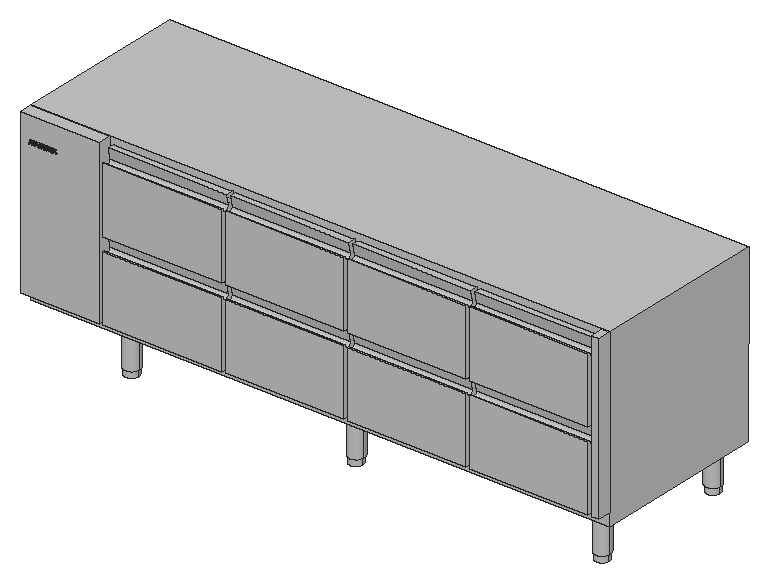
Revit family "QF_ALPENINOX_721173_AA4R7BBBB", category Attrezzature speciali, Revit 2018
Family settings
  Quota connettore circolare = Usa diametro
  Tipo di parte = Normale
  Basato su piano di lavoro = No
  Sempre verticale = Sì
  Taglio con vuoti quando caricato = No
  Condiviso = No
  Punto di calcolo locali = No
Parameters (values of type "Standard")
  Weight = 138.00 kg
  Watts = 270 W
  Volts = 220 V
  URL Manufacturer = "http://www.alpeninox.com"
  URL = "http://www.alpeninox.com"
  Steam Supply Size = 0 mm
  Steam Supply Minimum Pressure = 0.0 Pa
  Steam Supply Maximum Pressure = 0.0 Pa
  Steam Consumption per Hour = 0
  Refrigeration Suction Line Size = 0 mm
  Refrigeration Liquid Line Size = 0 mm
  Refrigerant Compressor Remote = yes
  Produttore = "Alpeninox"
  Phase = 1
  Modello = "AA4R7BBBB"
  Length Actual = 2149 mm  # constant formula
  Item Number = "721173"
  Hot Water Size = 0 mm
  Height Actual = 800 mm  # constant formula
  HP = "0.4 HP"
  Gas Size = 0 mm
  Gas KW = 0
  Gas Input Pressure = 0 W
  Direct Waste Size = 0 mm
  Descrizione = "8X1/2-DRAWER REFRIGERATED COUNTER, -2+10°C, FULL AISI 304 (R290), WITHOUT WORK TOP"
  Depth Actual = 700 mm  # constant formula
  Cycle = 50 Hz
  Condensate Return Size = 0 mm
  Compressed Air Volume = 0.0 L/s
  Compressed Air Size = 0 mm
  Compressed Air Pressure = 0.0 Pa
  Cold Water Size = 0 mm
  Accessory = yes
Values of the unnamed type that differ from the named types
  Weight = 0.00 kg
  Watts = 0 W
  Volts = 0 V
  URL Manufacturer = ""
  Item Number = ""
  HP = ""
  Cycle = 0 Hz
Reference planes
  plane 1: z = 0
  plane 2 "Center (Left/Right)": x = -126.5
  plane 3 "Center (Front/Back)": y = 64.5
  plane 4 "FEET": z = 150
  plane 5 "TOP": z = 850
  plane 6 "PLAIN": z = 800
  plane 7 "EI_back": y = 103
  plane 8 "EI_left": x = -1140
  plane 9 "BACK": y = 412
  plane 10 "FRONT": y = -283
  plane 11 "DOOR": y = -233
  plane 12 "LEFT": x = -1201
  plane 13 "RIGHT": x = 948
  plane 14: x = -1176
  plane 15: x = 923
Forms (mm)
  Extrusion 1, solid, material "QF_Finishes_Stainless Steel"
    sketch origin (-1022.223, -1524, 150) x (-1, 0, 0) y (0, -1, 0)
      loop
        circle (117.777, -1627) r 5
    from 0 to -40
  Extrusion 2, solid, material "QF_Finishes_Stainless Steel"
    sketch origin (-1022.223, -1524, 150) x (-1, 0, 0) y (0, -1, 0)
      loop
        line (-1945.223, -1291) -> (-1945.223, -1241) -> (-1970.223, -1241) -> (-1970.223, -1291) -> (-1945.223, -1291)
    from 48 to 650
  Extrusion 3, solid, material "QF_Finishes_Stainless Steel"
    sketch origin (-1022.223, -1524, 150) x (-1, 0, 0) y (0, -1, 0)
      loop
        line (178.777, -1936) -> (178.777, -1291) -> (-1970.223, -1291) -> (-1970.223, -1936) -> (178.777, -1936)
    from 0 to 650
Lines and regions (mm)
  symbolic lines, style "SpecialityEquipmentHiddenLines"
    curve 1: line (-1201, 412, 150) -> (948, 412, 150)
    curve 2: line (-1201, -283, 150) -> (-1201, 412, 150)
    curve 3: line (948, -283, 150) -> (-1201, -283, 150)
    curve 4: line (948, 412, 150) -> (948, -283, 150)
    curve 5: line (-1201, -233, 150) -> (948, -233, 150)
    curve 6: line (923, -283, 150) -> (923, -233, 150)
Dimensions and locks
  plane 4 "FEET" to level = 150 mm
  plane 11 "DOOR" to plane 10 "FRONT" = 50 mm
  plane 6 "PLAIN" to plane 4 "FEET" = 650 mm
  plane 5 "TOP" to plane 6 "PLAIN" = 50 mm
  plane 12 "LEFT" to plane 14 = 25 mm
  plane 15 to plane 13 "RIGHT" = 25 mm
  plane 9 "BACK" to plane 7 "EI_back" = 309 mm
  plane 12 "LEFT" to plane 8 "EI_left" = 61 mm
  plane 12 "LEFT" to plane 13 "RIGHT" = 2149 mm
  equal spacing: plane 12 "LEFT", plane 2 "Center (Left/Right)", plane 13 "RIGHT"
  plane 9 "BACK" to plane 10 "FRONT" = 695 mm
  equal spacing: plane 9 "BACK", plane 3 "Center (Front/Back)", plane 10 "FRONT"
  aligned and locked: level to plane 1
Automatic sketch dimensions
  Extrusion 1 sketch curve to plane 7 "EI_back" = 0 mm
  Extrusion 1 sketch curve to plane 8 "EI_left" = 0 mm
  Extrusion 2 sketch curve to plane 11 "DOOR" = 0 mm
  Extrusion 2 sketch curve to plane 13 "RIGHT" = 0 mm
  Extrusion 2 sketch curve to plane 10 "FRONT" = 0 mm
  Extrusion 2 sketch curve to plane 15 = 0 mm
  Extrusion 3 sketch curve to plane 9 "BACK" = 0 mm
  Extrusion 3 sketch curve to plane 13 "RIGHT" = 0 mm
  Extrusion 3 sketch curve to plane 11 "DOOR" = 0 mm
  Extrusion 3 sketch curve to plane 12 "LEFT" = 0 mm
  curve 1 to plane 13 "RIGHT" = 0 mm
  curve 6 to plane 10 "FRONT" = 0 mm
  curve 6 to plane 15 = 0 mm
  curve 5 to plane 12 "LEFT" = 0 mm
  curve 6 to plane 11 "DOOR" = 0 mm
  curve 1 to plane 9 "BACK" = 0 mm
  radius of Extrusion 1 sketch curve = 5 mm
Nested families
  nested 1: "HP_Refrigerator" at (948, -283, 0), type "HP_Refrigerator"
  nested 2: "HP_FEET" at (-867, 331, 0), type "HP_FEET"
  nested 3: "HP_FEET" at (882, 331, 0), type "HP_FEET"
  nested 4: "HP_FEET" at (-867, -183, 0), type "HP_FEET"
  nested 5: "HP_FEET" at (882, -183, 0), type "HP_FEET"
  nested 6: "HP_FEET" at (-32, -183, 0), type "HP_FEET"
  nested 7: "HP_APX_BI_TN_L" at (-994.08, -233, 548) x (1, 0, 0) z (0, -1, 0), type "HP_APX_BI_TN_L"
    with Show Logo yes
  nested 8: "HP_APX_HALF" at (-673, -233, 458.08) x (1, 0, 0) z (0, -1, 0), type "HP_APX_HALF"
    with Show Clearance yes
  nested 9: "HP_APX_HALF" at (-219, -233, 458.08) x (1, 0, 0) z (0, -1, 0), type "HP_APX_HALF"
    with Show Clearance yes
  nested 10: "HP_APX_HALF" at (235, -233, 458.08) x (1, 0, 0) z (0, -1, 0), type "HP_APX_HALF"
    with Show Clearance yes
  nested 11: "HP_APX_HALF" at (689, -233, 458.08) x (1, 0, 0) z (0, -1, 0), type "HP_APX_HALF"
    with Show Clearance yes
Connectors
  electrical at (-1140, 103, 110), driven by "Volts"
    settings: on Extrusion 1, index 1, voltage 220 V, apparent load 0 VA, apparent load phase1 0 VA, apparent load phase2 0 VA, apparent load phase3 0 VA, power factor 1, load classification "Other", number of poles 1, system type 31, power factor state 1, is connector primary yes, connector utility no, sub classification motor no, connector description "Electrical Connection"
Definition of nested family "HP_FEET"
  Parameters
    FEET = 150 mm
  Reference planes
    plane 1 "Center (Front/Back)": y = 0
    plane 2: z = 0
    plane 3 "Center (Left/Right)": x = 0
    plane 4: z = 150
  Forms (mm)
    Revolve 1, solid
      sketch origin (255.05, 0, 608.09) x (0, 0, 1) y (-1, 0, 0)
        loop
          line (-608.09, 255.05) -> (-608.09, 230.05) -> (-583.09, 230.05) -> (-583.09, 226.05) -> (-458.09, 226.05) -> (-458.09, 255.05) -> (-608.09, 255.05)
        axis (-608.09, 255.05) -> (-458.09, 255.05)
      angle from 0 to 360
  Dimensions and locks
    locked: Revolve 1 sketch curve to Revolve 1 sketch curve at 125
    "FEET": plane 4 to plane 2
    aligned and locked: level to plane 2
    aligned and locked: plane 4 to Revolve 1 sketch curve
    aligned and locked: Revolve 1 sketch curve to level
    aligned and locked: plane 3 "Center (Left/Right)" to Revolve 1 sketch curve
  Automatic sketch dimensions
    Revolve 1 sketch curve to plane 3 "Center (Left/Right)" = 0 mm
    Revolve 1 sketch curve to Revolve 1 sketch curve = 25 mm
    Revolve 1 sketch curve to Revolve 1 sketch curve = 29 mm
    plane 4 to Revolve 1 sketch curve = 50 mm
    Revolve 1 sketch curve to Revolve 1 sketch curve = 20 mm
Definition of nested family "HP_APX_BI_TN_L"
  Parameters
    Show Logo [instance] = yes
    Default Elevation = 1219.2 mm
  Reference planes
    plane 1 "Center (Front/Back)": y = -49
    plane 2: z = 0
    plane 3 "Center (Left/Right)": x = -59.92
    plane 4: x = -206.92
    plane 5: x = 87.08
    plane 6: y = 252
    plane 7: y = -350
  Forms (mm)
    Extrusion 1, solid
      sketch origin (0, 0, 0) x (1, 0, 0) y (0, 1, 0)
        loop
          line (-1219.2, 1219.2) -> (-1219.2, -1219.2) -> (1219.2, -1219.2) -> (1219.2, 1219.2) -> (-1219.2, 1219.2)
      from 0 to -304.8
    Extrusion 2, solid
      sketch origin (0, 0, 0) x (1, 0, 0) y (0, 1, 0)
        loop
          line (-206.92, 252) -> (-206.92, -350) -> (87.08, -350) -> (87.08, 252) -> (-206.92, 252)
      from 0 to 50
    Extrusion 3, solid
      sketch origin (0, 0, 0) x (1, 0, 0) y (0, 1, 0)
        loop
          line (-168.675, 170.349) -> (-172.411, 160.318)
          arc (-172.411, 160.318) -> (-171.624, 158.497) -> (-169.837, 159.36) r 1.374
          line (-169.837, 159.36) -> (-169.268, 161.111) -> (-164.1, 161.111) -> (-163.54, 159.379)
          arc (-163.54, 159.379) -> (-161.802, 158.542) -> (-161.049, 160.318) r 1.333
          line (-161.049, 160.318) -> (-164.694, 170.349)
          arc (-164.694, 170.349) -> (-166.685, 171.876) -> (-168.675, 170.349) r 2.06
        loop
          line (-166.681, 169.055) -> (-168.469, 163.655) -> (-164.935, 163.655) -> (-166.681, 169.055)
        loop
          arc (-159.705, 160.042) -> (-159.262, 158.973) -> (-158.194, 158.531) r 1.512
          line (-158.194, 158.531) -> (-153.608, 158.531)
          arc (-153.608, 158.531) -> (-152.337, 159.802) -> (-153.608, 161.074) r 1.272
          line (-153.608, 161.074) -> (-156.917, 161.074) -> (-156.917, 170.328)
          arc (-156.917, 170.328) -> (-158.311, 171.722) -> (-159.705, 170.328) r 1.394
          line (-159.705, 170.328) -> (-159.705, 160.042)
        loop
          line (-151.076, 170.218) -> (-151.076, 159.859)
          arc (-151.076, 159.859) -> (-149.683, 158.466) -> (-148.29, 159.859) r 1.393
          line (-148.29, 159.859) -> (-148.29, 162.882) -> (-146.225, 162.882)
          arc (-146.225, 162.882) -> (-142.999, 163.859) -> (-141.608, 166.928) r 4.082
          arc (-141.608, 166.928) -> (-142.993, 170.272) -> (-146.336, 171.657) r 4.728
          line (-146.336, 171.657) -> (-149.638, 171.657)
          arc (-149.638, 171.657) -> (-150.655, 171.235) -> (-151.076, 170.218) r 1.439
        loop
          line (-148.29, 165.313) -> (-146.388, 165.313)
          arc (-146.388, 165.313) -> (-144.433, 167.268) -> (-146.388, 169.222) r 1.955
          line (-146.388, 169.222) -> (-148.29, 169.222) -> (-148.29, 165.313)
        loop
          arc (-131.184, 166.332) -> (-132.004, 168.2) -> (-133.767, 169.228) r 3.3
          arc (-133.767, 169.228) -> (-136.353, 168.661) -> (-137.611, 166.332) r 3.176
          line (-137.611, 166.332) -> (-131.184, 166.332)
        loop
          line (-137.538, 163.743) -> (-130.544, 163.743)
          arc (-130.544, 163.743) -> (-129.292, 163.916) -> (-128.301, 164.701) r 2.4
          arc (-128.301, 164.701) -> (-128.155, 165.545) -> (-128.212, 166.399) r 3.635
          arc (-128.212, 166.399) -> (-130.364, 170.162) -> (-134.39, 171.769) r 6.579
          arc (-134.39, 171.769) -> (-138.918, 169.706) -> (-140.661, 165.044) r 6.501
          arc (-140.661, 165.044) -> (-139.276, 160.789) -> (-135.401, 158.549) r 6.252
          arc (-135.401, 158.549) -> (-132.922, 158.526) -> (-130.544, 159.232) r 8.361
          arc (-130.544, 159.232) -> (-129.466, 159.781) -> (-128.641, 160.666) r 3.486
          arc (-128.641, 160.666) -> (-128.419, 161.592) -> (-128.828, 162.451) r 1.425
          arc (-128.828, 162.451) -> (-129.368, 162.762) -> (-129.99, 162.762) r 1.203
          arc (-129.99, 162.762) -> (-130.406, 162.59) -> (-130.764, 162.316) r 1.724
          arc (-130.764, 162.316) -> (-131.666, 161.705) -> (-132.646, 161.229) r 7.6
          arc (-132.646, 161.229) -> (-135.676, 161.35) -> (-137.538, 163.743) r 3.6
        loop
          line (-126.669, 170.328) -> (-126.669, 159.859)
          arc (-126.669, 159.859) -> (-125.273, 158.463) -> (-123.878, 159.859) r 1.396
          line (-123.878, 159.859) -> (-123.878, 166.785) -> (-117.946, 159.029)
          arc (-117.946, 159.029) -> (-116.361, 158.51) -> (-115.379, 159.859) r 1.417
          line (-115.379, 159.859) -> (-115.379, 170.328)
          arc (-115.379, 170.328) -> (-116.774, 171.723) -> (-118.169, 170.328) r 1.395
          line (-118.169, 170.328) -> (-118.169, 163.311) -> (-124.101, 171.157)
          arc (-124.101, 171.157) -> (-125.687, 171.678) -> (-126.669, 170.328) r 1.418
        loop
          arc (-113.636, 159.859) -> (-112.241, 158.464) -> (-110.847, 159.859) r 1.394
          line (-110.847, 159.859) -> (-110.847, 170.328)
          arc (-110.847, 170.328) -> (-112.241, 171.723) -> (-113.636, 170.328) r 1.394
          line (-113.636, 170.328) -> (-113.636, 159.859)
        loop
          line (-109.102, 170.328) -> (-109.102, 159.859)
          arc (-109.102, 159.859) -> (-107.706, 158.463) -> (-106.31, 159.859) r 1.396
          line (-106.31, 159.859) -> (-106.31, 166.785) -> (-100.378, 159.029)
          arc (-100.378, 159.029) -> (-98.793, 158.51) -> (-97.812, 159.859) r 1.417
          line (-97.812, 159.859) -> (-97.812, 170.328)
          arc (-97.812, 170.328) -> (-99.207, 171.723) -> (-100.602, 170.328) r 1.395
          line (-100.602, 170.328) -> (-100.602, 163.311) -> (-106.533, 171.157)
          arc (-106.533, 171.157) -> (-108.119, 171.678) -> (-109.102, 170.328) r 1.418
        loop
          arc (-96.345, 165.093) -> (-95.619, 161.877) -> (-93.467, 159.379) r 6.806
          arc (-93.467, 159.379) -> (-91.792, 158.566) -> (-89.948, 158.31) r 5.956
          arc (-89.948, 158.31) -> (-88.104, 158.566) -> (-86.43, 159.379) r 5.956
          arc (-86.43, 159.379) -> (-84.277, 161.877) -> (-83.551, 165.093) r 6.806
          arc (-83.551, 165.093) -> (-84.277, 168.31) -> (-86.43, 170.808) r 6.806
          arc (-86.43, 170.808) -> (-88.104, 171.621) -> (-89.948, 171.877) r 5.956
          arc (-89.948, 171.877) -> (-91.792, 171.621) -> (-93.467, 170.808) r 5.956
          arc (-93.467, 170.808) -> (-95.619, 168.31) -> (-96.345, 165.093) r 6.806
        loop
          arc (-93.425, 165.093) -> (-93.138, 163.212) -> (-92.081, 161.629) r 4.387
          arc (-92.081, 161.629) -> (-91.087, 161.049) -> (-89.948, 160.881) r 3.035
          arc (-89.948, 160.881) -> (-88.809, 161.049) -> (-87.815, 161.629) r 3.035
          arc (-87.815, 161.629) -> (-86.759, 163.212) -> (-86.472, 165.093) r 4.387
          arc (-86.472, 165.093) -> (-86.759, 166.975) -> (-87.815, 168.558) r 4.387
          arc (-87.815, 168.558) -> (-88.809, 169.138) -> (-89.948, 169.306) r 3.035
          arc (-89.948, 169.306) -> (-91.087, 169.138) -> (-92.081, 168.558) r 3.035
          arc (-92.081, 168.558) -> (-93.138, 166.975) -> (-93.425, 165.093) r 4.387
        loop
          line (-83.139, 169.609) -> (-80.126, 165.552) -> (-83.81, 160.652)
          arc (-83.81, 160.652) -> (-83.512, 158.692) -> (-81.559, 159.029) r 1.388
          line (-81.559, 159.029) -> (-78.51, 163.232) -> (-75.461, 159.029)
          arc (-75.461, 159.029) -> (-73.507, 158.692) -> (-73.21, 160.652) r 1.388
          line (-73.21, 160.652) -> (-76.894, 165.552) -> (-73.881, 169.609)
          arc (-73.881, 169.609) -> (-74.249, 171.597) -> (-76.205, 171.084) r 1.38
          line (-76.205, 171.084) -> (-78.51, 167.841) -> (-80.815, 171.084)
          arc (-80.815, 171.084) -> (-82.771, 171.597) -> (-83.139, 169.609) r 1.38
      from 50 to 51.6
    Extrusion 4, solid, not visible
      sketch origin (0, 0, 0) x (1, 0, 0) y (0, 1, 0)
        loop
          line (-206.92, 252) -> (-206.92, -400) -> (87.08, -400) -> (87.08, 252) -> (-206.92, 252)
      from 0 to 50
  Lines and regions (mm)
    Split face 1
      outline origin (0, 0, 50) x (1, 0, 0) y (0, 1, 0)
        loop
          line (87.08, 183) -> (-172.92, 183)
          arc (-172.92, 183) -> (-190.42, 165.5) -> (-172.92, 148) r 17.5
          line (-172.92, 148) -> (87.08, 148)
    Split face 2
      outline origin (-38, 0, 50) x (1, 0, 0) y (0, 1, 0)
        loop
          line (-5.42, 177) -> (-5.42, 154) -> (64.58, 154) -> (64.58, 177) -> (-5.42, 177)
    Split face 3
      outline origin (-38, 0, 50) x (1, 0, 0) y (0, 1, 0)
        loop
          line (44.58, 174) -> (44.58, 157) -> (61.58, 157) -> (61.58, 174) -> (44.58, 174)
    Split face 4
      outline origin (0, 0, 50) x (1, 0, 0) y (0, 1, 0)
        loop
          line (-206.92, 188) -> (87.08, 188)
    Split face 5
      outline origin (0, 0, 50) x (1, 0, 0) y (0, 1, 0)
        loop
          arc (-163.464, 131.824) -> (-167.464, 127.824) -> (-163.464, 123.824) r 4
          line (-163.464, 123.824) -> (-121.464, 123.824)
          arc (-121.464, 123.824) -> (-117.464, 127.824) -> (-121.464, 131.824) r 4
          line (-121.464, 131.824) -> (-163.464, 131.824)
    Split face 6
      outline origin (330, 0, 50) x (1, 0, 0) y (0, 1, 0)
        loop
          arc (-328.464, 131.824) -> (-332.464, 127.824) -> (-328.464, 123.824) r 4
          line (-328.464, 123.824) -> (-286.464, 123.824)
          arc (-286.464, 123.824) -> (-282.464, 127.824) -> (-286.464, 131.824) r 4
          line (-286.464, 131.824) -> (-328.464, 131.824)
    Split face 7
      outline origin (110, 0, 50) x (1, 0, 0) y (0, 1, 0)
        loop
          arc (-218.464, 131.824) -> (-222.464, 127.824) -> (-218.464, 123.824) r 4
          line (-218.464, 123.824) -> (-176.464, 123.824)
          arc (-176.464, 123.824) -> (-172.464, 127.824) -> (-176.464, 131.824) r 4
          line (-176.464, 131.824) -> (-218.464, 131.824)
    Split face 8
      outline origin (220, 0, 50) x (1, 0, 0) y (0, 1, 0)
        loop
          arc (-273.464, 131.824) -> (-277.464, 127.824) -> (-273.464, 123.824) r 4
          line (-273.464, 123.824) -> (-231.464, 123.824)
          arc (-231.464, 123.824) -> (-227.464, 127.824) -> (-231.464, 131.824) r 4
          line (-231.464, 131.824) -> (-273.464, 131.824)
    Split face 9, not visible
      outline origin (0, 0, 50) x (1, 0, 0) y (0, 1, 0)
        loop
          arc (-163.464, 131.824) -> (-167.464, 127.824) -> (-163.464, 123.824) r 4
          line (-163.464, 123.824) -> (-121.464, 123.824)
          arc (-121.464, 123.824) -> (-117.464, 127.824) -> (-121.464, 131.824) r 4
          line (-121.464, 131.824) -> (-163.464, 131.824)
    Split face 10
      outline origin (0, -24, 50) x (1, 0, 0) y (0, 1, 0)
        loop
          arc (-163.464, 143.824) -> (-167.464, 139.824) -> (-163.464, 135.824) r 4
          line (-163.464, 135.824) -> (-121.464, 135.824)
          arc (-121.464, 135.824) -> (-117.464, 139.824) -> (-121.464, 143.824) r 4
          line (-121.464, 143.824) -> (-163.464, 143.824)
    Split face 11
      outline origin (330, -24, 50) x (1, 0, 0) y (0, 1, 0)
        loop
          arc (-328.464, 143.824) -> (-332.464, 139.824) -> (-328.464, 135.824) r 4
          line (-328.464, 135.824) -> (-286.464, 135.824)
          arc (-286.464, 135.824) -> (-282.464, 139.824) -> (-286.464, 143.824) r 4
          line (-286.464, 143.824) -> (-328.464, 143.824)
    Split face 12
      outline origin (110, -24, 50) x (1, 0, 0) y (0, 1, 0)
        loop
          arc (-218.464, 143.824) -> (-222.464, 139.824) -> (-218.464, 135.824) r 4
          line (-218.464, 135.824) -> (-176.464, 135.824)
          arc (-176.464, 135.824) -> (-172.464, 139.824) -> (-176.464, 143.824) r 4
          line (-176.464, 143.824) -> (-218.464, 143.824)
    Split face 13
      outline origin (220, -24, 50) x (1, 0, 0) y (0, 1, 0)
        loop
          arc (-273.464, 143.824) -> (-277.464, 139.824) -> (-273.464, 135.824) r 4
          line (-273.464, 135.824) -> (-231.464, 135.824)
          arc (-231.464, 135.824) -> (-227.464, 139.824) -> (-231.464, 143.824) r 4
          line (-231.464, 143.824) -> (-273.464, 143.824)
    Split face 14
      outline origin (0, -48, 50) x (1, 0, 0) y (0, 1, 0)
        loop
          arc (-163.464, 155.824) -> (-167.464, 151.824) -> (-163.464, 147.824) r 4
          line (-163.464, 147.824) -> (-121.464, 147.824)
          arc (-121.464, 147.824) -> (-117.464, 151.824) -> (-121.464, 155.824) r 4
          line (-121.464, 155.824) -> (-163.464, 155.824)
    Split face 15
      outline origin (330, -48, 50) x (1, 0, 0) y (0, 1, 0)
        loop
          arc (-328.464, 155.824) -> (-332.464, 151.824) -> (-328.464, 147.824) r 4
          line (-328.464, 147.824) -> (-286.464, 147.824)
          arc (-286.464, 147.824) -> (-282.464, 151.824) -> (-286.464, 155.824) r 4
          line (-286.464, 155.824) -> (-328.464, 155.824)
    Split face 16
      outline origin (110, -48, 50) x (1, 0, 0) y (0, 1, 0)
        loop
          arc (-218.464, 155.824) -> (-222.464, 151.824) -> (-218.464, 147.824) r 4
          line (-218.464, 147.824) -> (-176.464, 147.824)
          arc (-176.464, 147.824) -> (-172.464, 151.824) -> (-176.464, 155.824) r 4
          line (-176.464, 155.824) -> (-218.464, 155.824)
    Split face 17
      outline origin (220, -48, 50) x (1, 0, 0) y (0, 1, 0)
        loop
          arc (-273.464, 155.824) -> (-277.464, 151.824) -> (-273.464, 147.824) r 4
          line (-273.464, 147.824) -> (-231.464, 147.824)
          arc (-231.464, 147.824) -> (-227.464, 151.824) -> (-231.464, 155.824) r 4
          line (-231.464, 155.824) -> (-273.464, 155.824)
    Split face 18
      outline origin (0, -72, 50) x (1, 0, 0) y (0, 1, 0)
        loop
          arc (-163.464, 167.824) -> (-167.464, 163.824) -> (-163.464, 159.824) r 4
          line (-163.464, 159.824) -> (-121.464, 159.824)
          arc (-121.464, 159.824) -> (-117.464, 163.824) -> (-121.464, 167.824) r 4
          line (-121.464, 167.824) -> (-163.464, 167.824)
    Split face 19
      outline origin (330, -72, 50) x (1, 0, 0) y (0, 1, 0)
        loop
          arc (-328.464, 167.824) -> (-332.464, 163.824) -> (-328.464, 159.824) r 4
          line (-328.464, 159.824) -> (-286.464, 159.824)
          arc (-286.464, 159.824) -> (-282.464, 163.824) -> (-286.464, 167.824) r 4
          line (-286.464, 167.824) -> (-328.464, 167.824)
    Split face 20
      outline origin (110, -72, 50) x (1, 0, 0) y (0, 1, 0)
        loop
          arc (-218.464, 167.824) -> (-222.464, 163.824) -> (-218.464, 159.824) r 4
          line (-218.464, 159.824) -> (-176.464, 159.824)
          arc (-176.464, 159.824) -> (-172.464, 163.824) -> (-176.464, 167.824) r 4
          line (-176.464, 167.824) -> (-218.464, 167.824)
    Split face 21
      outline origin (220, -72, 50) x (1, 0, 0) y (0, 1, 0)
        loop
          arc (-273.464, 167.824) -> (-277.464, 163.824) -> (-273.464, 159.824) r 4
          line (-273.464, 159.824) -> (-231.464, 159.824)
          arc (-231.464, 159.824) -> (-227.464, 163.824) -> (-231.464, 167.824) r 4
          line (-231.464, 167.824) -> (-273.464, 167.824)
    Split face 22
      outline origin (0, -96, 50) x (1, 0, 0) y (0, 1, 0)
        loop
          arc (-163.464, 179.824) -> (-167.464, 175.824) -> (-163.464, 171.824) r 4
          line (-163.464, 171.824) -> (-121.464, 171.824)
          arc (-121.464, 171.824) -> (-117.464, 175.824) -> (-121.464, 179.824) r 4
          line (-121.464, 179.824) -> (-163.464, 179.824)
    Split face 23
      outline origin (330, -96, 50) x (1, 0, 0) y (0, 1, 0)
        loop
          arc (-328.464, 179.824) -> (-332.464, 175.824) -> (-328.464, 171.824) r 4
          line (-328.464, 171.824) -> (-286.464, 171.824)
          arc (-286.464, 171.824) -> (-282.464, 175.824) -> (-286.464, 179.824) r 4
          line (-286.464, 179.824) -> (-328.464, 179.824)
    Split face 24
      outline origin (110, -96, 50) x (1, 0, 0) y (0, 1, 0)
        loop
          arc (-218.464, 179.824) -> (-222.464, 175.824) -> (-218.464, 171.824) r 4
          line (-218.464, 171.824) -> (-176.464, 171.824)
          arc (-176.464, 171.824) -> (-172.464, 175.824) -> (-176.464, 179.824) r 4
          line (-176.464, 179.824) -> (-218.464, 179.824)
    Split face 25
      outline origin (220, -96, 50) x (1, 0, 0) y (0, 1, 0)
        loop
          arc (-273.464, 179.824) -> (-277.464, 175.824) -> (-273.464, 171.824) r 4
          line (-273.464, 171.824) -> (-231.464, 171.824)
          arc (-231.464, 171.824) -> (-227.464, 175.824) -> (-231.464, 179.824) r 4
          line (-231.464, 179.824) -> (-273.464, 179.824)
    Split face 26
      outline origin (0, -120, 50) x (1, 0, 0) y (0, 1, 0)
        loop
          arc (-163.464, 191.824) -> (-167.464, 187.824) -> (-163.464, 183.824) r 4
          line (-163.464, 183.824) -> (-121.464, 183.824)
          arc (-121.464, 183.824) -> (-117.464, 187.824) -> (-121.464, 191.824) r 4
          line (-121.464, 191.824) -> (-163.464, 191.824)
    Split face 27
      outline origin (330, -120, 50) x (1, 0, 0) y (0, 1, 0)
        loop
          arc (-328.464, 191.824) -> (-332.464, 187.824) -> (-328.464, 183.824) r 4
          line (-328.464, 183.824) -> (-286.464, 183.824)
          arc (-286.464, 183.824) -> (-282.464, 187.824) -> (-286.464, 191.824) r 4
          line (-286.464, 191.824) -> (-328.464, 191.824)
    Split face 28
      outline origin (110, -120, 50) x (1, 0, 0) y (0, 1, 0)
        loop
          arc (-218.464, 191.824) -> (-222.464, 187.824) -> (-218.464, 183.824) r 4
          line (-218.464, 183.824) -> (-176.464, 183.824)
          arc (-176.464, 183.824) -> (-172.464, 187.824) -> (-176.464, 191.824) r 4
          line (-176.464, 191.824) -> (-218.464, 191.824)
    Split face 29
      outline origin (220, -120, 50) x (1, 0, 0) y (0, 1, 0)
        loop
          arc (-273.464, 191.824) -> (-277.464, 187.824) -> (-273.464, 183.824) r 4
          line (-273.464, 183.824) -> (-231.464, 183.824)
          arc (-231.464, 183.824) -> (-227.464, 187.824) -> (-231.464, 191.824) r 4
          line (-231.464, 191.824) -> (-273.464, 191.824)
    Split face 30
      outline origin (0, -144, 50) x (1, 0, 0) y (0, 1, 0)
        loop
          arc (-163.464, 203.824) -> (-167.464, 199.824) -> (-163.464, 195.824) r 4
          line (-163.464, 195.824) -> (-121.464, 195.824)
          arc (-121.464, 195.824) -> (-117.464, 199.824) -> (-121.464, 203.824) r 4
          line (-121.464, 203.824) -> (-163.464, 203.824)
    Split face 31
      outline origin (330, -144, 50) x (1, 0, 0) y (0, 1, 0)
        loop
          arc (-328.464, 203.824) -> (-332.464, 199.824) -> (-328.464, 195.824) r 4
          line (-328.464, 195.824) -> (-286.464, 195.824)
          arc (-286.464, 195.824) -> (-282.464, 199.824) -> (-286.464, 203.824) r 4
          line (-286.464, 203.824) -> (-328.464, 203.824)
    Split face 32
      outline origin (110, -144, 50) x (1, 0, 0) y (0, 1, 0)
        loop
          arc (-218.464, 203.824) -> (-222.464, 199.824) -> (-218.464, 195.824) r 4
          line (-218.464, 195.824) -> (-176.464, 195.824)
          arc (-176.464, 195.824) -> (-172.464, 199.824) -> (-176.464, 203.824) r 4
          line (-176.464, 203.824) -> (-218.464, 203.824)
    Split face 33
      outline origin (220, -144, 50) x (1, 0, 0) y (0, 1, 0)
        loop
          arc (-273.464, 203.824) -> (-277.464, 199.824) -> (-273.464, 195.824) r 4
          line (-273.464, 195.824) -> (-231.464, 195.824)
          arc (-231.464, 195.824) -> (-227.464, 199.824) -> (-231.464, 203.824) r 4
          line (-231.464, 203.824) -> (-273.464, 203.824)
    Split face 34
      outline origin (0, -168, 50) x (1, 0, 0) y (0, 1, 0)
        loop
          arc (-163.464, 215.824) -> (-167.464, 211.824) -> (-163.464, 207.824) r 4
          line (-163.464, 207.824) -> (-121.464, 207.824)
          arc (-121.464, 207.824) -> (-117.464, 211.824) -> (-121.464, 215.824) r 4
          line (-121.464, 215.824) -> (-163.464, 215.824)
    Split face 35
      outline origin (330, -168, 50) x (1, 0, 0) y (0, 1, 0)
        loop
          arc (-328.464, 215.824) -> (-332.464, 211.824) -> (-328.464, 207.824) r 4
          line (-328.464, 207.824) -> (-286.464, 207.824)
          arc (-286.464, 207.824) -> (-282.464, 211.824) -> (-286.464, 215.824) r 4
          line (-286.464, 215.824) -> (-328.464, 215.824)
    Split face 36
      outline origin (110, -168, 50) x (1, 0, 0) y (0, 1, 0)
        loop
          arc (-218.464, 215.824) -> (-222.464, 211.824) -> (-218.464, 207.824) r 4
          line (-218.464, 207.824) -> (-176.464, 207.824)
          arc (-176.464, 207.824) -> (-172.464, 211.824) -> (-176.464, 215.824) r 4
          line (-176.464, 215.824) -> (-218.464, 215.824)
    Split face 37
      outline origin (220, -168, 50) x (1, 0, 0) y (0, 1, 0)
        loop
          arc (-273.464, 215.824) -> (-277.464, 211.824) -> (-273.464, 207.824) r 4
          line (-273.464, 207.824) -> (-231.464, 207.824)
          arc (-231.464, 207.824) -> (-227.464, 211.824) -> (-231.464, 215.824) r 4
          line (-231.464, 215.824) -> (-273.464, 215.824)
    Split face 38
      outline origin (0, -192, 50) x (1, 0, 0) y (0, 1, 0)
        loop
          arc (-163.464, 227.824) -> (-167.464, 223.824) -> (-163.464, 219.824) r 4
          line (-163.464, 219.824) -> (-121.464, 219.824)
          arc (-121.464, 219.824) -> (-117.464, 223.824) -> (-121.464, 227.824) r 4
          line (-121.464, 227.824) -> (-163.464, 227.824)
    Split face 39
      outline origin (330, -192, 50) x (1, 0, 0) y (0, 1, 0)
        loop
          arc (-328.464, 227.824) -> (-332.464, 223.824) -> (-328.464, 219.824) r 4
          line (-328.464, 219.824) -> (-286.464, 219.824)
          arc (-286.464, 219.824) -> (-282.464, 223.824) -> (-286.464, 227.824) r 4
          line (-286.464, 227.824) -> (-328.464, 227.824)
    Split face 40
      outline origin (110, -192, 50) x (1, 0, 0) y (0, 1, 0)
        loop
          arc (-218.464, 227.824) -> (-222.464, 223.824) -> (-218.464, 219.824) r 4
          line (-218.464, 219.824) -> (-176.464, 219.824)
          arc (-176.464, 219.824) -> (-172.464, 223.824) -> (-176.464, 227.824) r 4
          line (-176.464, 227.824) -> (-218.464, 227.824)
    Split face 41
      outline origin (220, -192, 50) x (1, 0, 0) y (0, 1, 0)
        loop
          arc (-273.464, 227.824) -> (-277.464, 223.824) -> (-273.464, 219.824) r 4
          line (-273.464, 219.824) -> (-231.464, 219.824)
          arc (-231.464, 219.824) -> (-227.464, 223.824) -> (-231.464, 227.824) r 4
          line (-231.464, 227.824) -> (-273.464, 227.824)
    Split face 42
      outline origin (0, -216, 50) x (1, 0, 0) y (0, 1, 0)
        loop
          arc (-163.464, 239.824) -> (-167.464, 235.824) -> (-163.464, 231.824) r 4
          line (-163.464, 231.824) -> (-121.464, 231.824)
          arc (-121.464, 231.824) -> (-117.464, 235.824) -> (-121.464, 239.824) r 4
          line (-121.464, 239.824) -> (-163.464, 239.824)
    Split face 43
      outline origin (330, -216, 50) x (1, 0, 0) y (0, 1, 0)
        loop
          arc (-328.464, 239.824) -> (-332.464, 235.824) -> (-328.464, 231.824) r 4
          line (-328.464, 231.824) -> (-286.464, 231.824)
          arc (-286.464, 231.824) -> (-282.464, 235.824) -> (-286.464, 239.824) r 4
          line (-286.464, 239.824) -> (-328.464, 239.824)
    Split face 44
      outline origin (110, -216, 50) x (1, 0, 0) y (0, 1, 0)
        loop
          arc (-218.464, 239.824) -> (-222.464, 235.824) -> (-218.464, 231.824) r 4
          line (-218.464, 231.824) -> (-176.464, 231.824)
          arc (-176.464, 231.824) -> (-172.464, 235.824) -> (-176.464, 239.824) r 4
          line (-176.464, 239.824) -> (-218.464, 239.824)
    Split face 45
      outline origin (220, -216, 50) x (1, 0, 0) y (0, 1, 0)
        loop
          arc (-273.464, 239.824) -> (-277.464, 235.824) -> (-273.464, 231.824) r 4
          line (-273.464, 231.824) -> (-231.464, 231.824)
          arc (-231.464, 231.824) -> (-227.464, 235.824) -> (-231.464, 239.824) r 4
          line (-231.464, 239.824) -> (-273.464, 239.824)
    Split face 46
      outline origin (0, -240, 50) x (1, 0, 0) y (0, 1, 0)
        loop
          arc (-163.464, 251.824) -> (-167.464, 247.824) -> (-163.464, 243.824) r 4
          line (-163.464, 243.824) -> (-121.464, 243.824)
          arc (-121.464, 243.824) -> (-117.464, 247.824) -> (-121.464, 251.824) r 4
          line (-121.464, 251.824) -> (-163.464, 251.824)
    Split face 47
      outline origin (330, -240, 50) x (1, 0, 0) y (0, 1, 0)
        loop
          arc (-328.464, 251.824) -> (-332.464, 247.824) -> (-328.464, 243.824) r 4
          line (-328.464, 243.824) -> (-286.464, 243.824)
          arc (-286.464, 243.824) -> (-282.464, 247.824) -> (-286.464, 251.824) r 4
          line (-286.464, 251.824) -> (-328.464, 251.824)
    Split face 48
      outline origin (110, -240, 50) x (1, 0, 0) y (0, 1, 0)
        loop
          arc (-218.464, 251.824) -> (-222.464, 247.824) -> (-218.464, 243.824) r 4
          line (-218.464, 243.824) -> (-176.464, 243.824)
          arc (-176.464, 243.824) -> (-172.464, 247.824) -> (-176.464, 251.824) r 4
          line (-176.464, 251.824) -> (-218.464, 251.824)
    Split face 49
      outline origin (220, -240, 50) x (1, 0, 0) y (0, 1, 0)
        loop
          arc (-273.464, 251.824) -> (-277.464, 247.824) -> (-273.464, 243.824) r 4
          line (-273.464, 243.824) -> (-231.464, 243.824)
          arc (-231.464, 243.824) -> (-227.464, 247.824) -> (-231.464, 251.824) r 4
          line (-231.464, 251.824) -> (-273.464, 251.824)
    Split face 50
      outline origin (0, -264, 50) x (1, 0, 0) y (0, 1, 0)
        loop
          arc (-163.464, 263.824) -> (-167.464, 259.824) -> (-163.464, 255.824) r 4
          line (-163.464, 255.824) -> (-121.464, 255.824)
          arc (-121.464, 255.824) -> (-117.464, 259.824) -> (-121.464, 263.824) r 4
          line (-121.464, 263.824) -> (-163.464, 263.824)
    Split face 51
      outline origin (330, -264, 50) x (1, 0, 0) y (0, 1, 0)
        loop
          arc (-328.464, 263.824) -> (-332.464, 259.824) -> (-328.464, 255.824) r 4
          line (-328.464, 255.824) -> (-286.464, 255.824)
          arc (-286.464, 255.824) -> (-282.464, 259.824) -> (-286.464, 263.824) r 4
          line (-286.464, 263.824) -> (-328.464, 263.824)
    Split face 52
      outline origin (110, -264, 50) x (1, 0, 0) y (0, 1, 0)
        loop
          arc (-218.464, 263.824) -> (-222.464, 259.824) -> (-218.464, 255.824) r 4
          line (-218.464, 255.824) -> (-176.464, 255.824)
          arc (-176.464, 255.824) -> (-172.464, 259.824) -> (-176.464, 263.824) r 4
          line (-176.464, 263.824) -> (-218.464, 263.824)
    Split face 53
      outline origin (220, -264, 50) x (1, 0, 0) y (0, 1, 0)
        loop
          arc (-273.464, 263.824) -> (-277.464, 259.824) -> (-273.464, 255.824) r 4
          line (-273.464, 255.824) -> (-231.464, 255.824)
          arc (-231.464, 255.824) -> (-227.464, 259.824) -> (-231.464, 263.824) r 4
          line (-231.464, 263.824) -> (-273.464, 263.824)
    Split face 54
      outline origin (0, -288, 50) x (1, 0, 0) y (0, 1, 0)
        loop
          arc (-163.464, 275.824) -> (-167.464, 271.824) -> (-163.464, 267.824) r 4
          line (-163.464, 267.824) -> (-121.464, 267.824)
          arc (-121.464, 267.824) -> (-117.464, 271.824) -> (-121.464, 275.824) r 4
          line (-121.464, 275.824) -> (-163.464, 275.824)
    Split face 55
      outline origin (330, -288, 50) x (1, 0, 0) y (0, 1, 0)
        loop
          arc (-328.464, 275.824) -> (-332.464, 271.824) -> (-328.464, 267.824) r 4
          line (-328.464, 267.824) -> (-286.464, 267.824)
          arc (-286.464, 267.824) -> (-282.464, 271.824) -> (-286.464, 275.824) r 4
          line (-286.464, 275.824) -> (-328.464, 275.824)
    Split face 56
      outline origin (110, -288, 50) x (1, 0, 0) y (0, 1, 0)
        loop
          arc (-218.464, 275.824) -> (-222.464, 271.824) -> (-218.464, 267.824) r 4
          line (-218.464, 267.824) -> (-176.464, 267.824)
          arc (-176.464, 267.824) -> (-172.464, 271.824) -> (-176.464, 275.824) r 4
          line (-176.464, 275.824) -> (-218.464, 275.824)
    Split face 57
      outline origin (220, -288, 50) x (1, 0, 0) y (0, 1, 0)
        loop
          arc (-273.464, 275.824) -> (-277.464, 271.824) -> (-273.464, 267.824) r 4
          line (-273.464, 267.824) -> (-231.464, 267.824)
          arc (-231.464, 267.824) -> (-227.464, 271.824) -> (-231.464, 275.824) r 4
          line (-231.464, 275.824) -> (-273.464, 275.824)
    Split face 58
      outline origin (0, -312, 50) x (1, 0, 0) y (0, 1, 0)
        loop
          arc (-163.464, 287.824) -> (-167.464, 283.824) -> (-163.464, 279.824) r 4
          line (-163.464, 279.824) -> (-121.464, 279.824)
          arc (-121.464, 279.824) -> (-117.464, 283.824) -> (-121.464, 287.824) r 4
          line (-121.464, 287.824) -> (-163.464, 287.824)
    Split face 59
      outline origin (330, -312, 50) x (1, 0, 0) y (0, 1, 0)
        loop
          arc (-328.464, 287.824) -> (-332.464, 283.824) -> (-328.464, 279.824) r 4
          line (-328.464, 279.824) -> (-286.464, 279.824)
          arc (-286.464, 279.824) -> (-282.464, 283.824) -> (-286.464, 287.824) r 4
          line (-286.464, 287.824) -> (-328.464, 287.824)
    Split face 60
      outline origin (110, -312, 50) x (1, 0, 0) y (0, 1, 0)
        loop
          arc (-218.464, 287.824) -> (-222.464, 283.824) -> (-218.464, 279.824) r 4
          line (-218.464, 279.824) -> (-176.464, 279.824)
          arc (-176.464, 279.824) -> (-172.464, 283.824) -> (-176.464, 287.824) r 4
          line (-176.464, 287.824) -> (-218.464, 287.824)
    Split face 61
      outline origin (220, -312, 50) x (1, 0, 0) y (0, 1, 0)
        loop
          arc (-273.464, 287.824) -> (-277.464, 283.824) -> (-273.464, 279.824) r 4
          line (-273.464, 279.824) -> (-231.464, 279.824)
          arc (-231.464, 279.824) -> (-227.464, 283.824) -> (-231.464, 287.824) r 4
          line (-231.464, 287.824) -> (-273.464, 287.824)
    Split face 62
      outline origin (0, -336, 50) x (1, 0, 0) y (0, 1, 0)
        loop
          arc (-163.464, 299.824) -> (-167.464, 295.824) -> (-163.464, 291.824) r 4
          line (-163.464, 291.824) -> (-121.464, 291.824)
          arc (-121.464, 291.824) -> (-117.464, 295.824) -> (-121.464, 299.824) r 4
          line (-121.464, 299.824) -> (-163.464, 299.824)
    Split face 63
      outline origin (330, -336, 50) x (1, 0, 0) y (0, 1, 0)
        loop
          arc (-328.464, 299.824) -> (-332.464, 295.824) -> (-328.464, 291.824) r 4
          line (-328.464, 291.824) -> (-286.464, 291.824)
          arc (-286.464, 291.824) -> (-282.464, 295.824) -> (-286.464, 299.824) r 4
          line (-286.464, 299.824) -> (-328.464, 299.824)
    Split face 64
      outline origin (110, -336, 50) x (1, 0, 0) y (0, 1, 0)
        loop
          arc (-218.464, 299.824) -> (-222.464, 295.824) -> (-218.464, 291.824) r 4
          line (-218.464, 291.824) -> (-176.464, 291.824)
          arc (-176.464, 291.824) -> (-172.464, 295.824) -> (-176.464, 299.824) r 4
          line (-176.464, 299.824) -> (-218.464, 299.824)
    Split face 65
      outline origin (220, -336, 50) x (1, 0, 0) y (0, 1, 0)
        loop
          arc (-273.464, 299.824) -> (-277.464, 295.824) -> (-273.464, 291.824) r 4
          line (-273.464, 291.824) -> (-231.464, 291.824)
          arc (-231.464, 291.824) -> (-227.464, 295.824) -> (-231.464, 299.824) r 4
          line (-231.464, 299.824) -> (-273.464, 299.824)
    Split face 66
      outline origin (0, -360, 50) x (1, 0, 0) y (0, 1, 0)
        loop
          arc (-163.464, 311.824) -> (-167.464, 307.824) -> (-163.464, 303.824) r 4
          line (-163.464, 303.824) -> (-121.464, 303.824)
          arc (-121.464, 303.824) -> (-117.464, 307.824) -> (-121.464, 311.824) r 4
          line (-121.464, 311.824) -> (-163.464, 311.824)
    Split face 67
      outline origin (330, -360, 50) x (1, 0, 0) y (0, 1, 0)
        loop
          arc (-328.464, 311.824) -> (-332.464, 307.824) -> (-328.464, 303.824) r 4
          line (-328.464, 303.824) -> (-286.464, 303.824)
          arc (-286.464, 303.824) -> (-282.464, 307.824) -> (-286.464, 311.824) r 4
          line (-286.464, 311.824) -> (-328.464, 311.824)
    Split face 68
      outline origin (110, -360, 50) x (1, 0, 0) y (0, 1, 0)
        loop
          arc (-218.464, 311.824) -> (-222.464, 307.824) -> (-218.464, 303.824) r 4
          line (-218.464, 303.824) -> (-176.464, 303.824)
          arc (-176.464, 303.824) -> (-172.464, 307.824) -> (-176.464, 311.824) r 4
          line (-176.464, 311.824) -> (-218.464, 311.824)
    Split face 69
      outline origin (220, -360, 50) x (1, 0, 0) y (0, 1, 0)
        loop
          arc (-273.464, 311.824) -> (-277.464, 307.824) -> (-273.464, 303.824) r 4
          line (-273.464, 303.824) -> (-231.464, 303.824)
          arc (-231.464, 303.824) -> (-227.464, 307.824) -> (-231.464, 311.824) r 4
          line (-231.464, 311.824) -> (-273.464, 311.824)
    Split face 70
      outline origin (0, 0, 50) x (1, 0, 0) y (0, 1, 0)
        loop
          line (-206.92, 143) -> (87.08, 143)
    Split face 71
      outline origin (0, -663.3, 50) x (1, 0, 0) y (0, 1, 0)
        loop
          arc (-163.464, 513.474) -> (-167.464, 509.474) -> (-163.464, 505.474) r 4
          line (-163.464, 505.474) -> (-121.464, 505.474)
          arc (-121.464, 505.474) -> (-117.464, 509.474) -> (-121.464, 513.474) r 4
          line (-121.464, 513.474) -> (-163.464, 513.474)
    Split face 72
      outline origin (330, -663.3, 50) x (1, 0, 0) y (0, 1, 0)
        loop
          arc (-328.464, 513.474) -> (-332.464, 509.474) -> (-328.464, 505.474) r 4
          line (-328.464, 505.474) -> (-286.464, 505.474)
          arc (-286.464, 505.474) -> (-282.464, 509.474) -> (-286.464, 513.474) r 4
          line (-286.464, 513.474) -> (-328.464, 513.474)
    Split face 73
      outline origin (110, -663.3, 50) x (1, 0, 0) y (0, 1, 0)
        loop
          arc (-218.464, 513.474) -> (-222.464, 509.474) -> (-218.464, 505.474) r 4
          line (-218.464, 505.474) -> (-176.464, 505.474)
          arc (-176.464, 505.474) -> (-172.464, 509.474) -> (-176.464, 513.474) r 4
          line (-176.464, 513.474) -> (-218.464, 513.474)
    Split face 74
      outline origin (220, -663.3, 50) x (1, 0, 0) y (0, 1, 0)
        loop
          arc (-273.464, 513.474) -> (-277.464, 509.474) -> (-273.464, 505.474) r 4
          line (-273.464, 505.474) -> (-231.464, 505.474)
          arc (-231.464, 505.474) -> (-227.464, 509.474) -> (-231.464, 513.474) r 4
          line (-231.464, 513.474) -> (-273.464, 513.474)
    Split face 75
      outline origin (0, -687.3, 50) x (1, 0, 0) y (0, 1, 0)
        loop
          arc (-163.464, 525.474) -> (-167.464, 521.474) -> (-163.464, 517.474) r 4
          line (-163.464, 517.474) -> (-121.464, 517.474)
          arc (-121.464, 517.474) -> (-117.464, 521.474) -> (-121.464, 525.474) r 4
          line (-121.464, 525.474) -> (-163.464, 525.474)
    Split face 76
      outline origin (330, -687.3, 50) x (1, 0, 0) y (0, 1, 0)
        loop
          arc (-328.464, 525.474) -> (-332.464, 521.474) -> (-328.464, 517.474) r 4
          line (-328.464, 517.474) -> (-286.464, 517.474)
          arc (-286.464, 517.474) -> (-282.464, 521.474) -> (-286.464, 525.474) r 4
          line (-286.464, 525.474) -> (-328.464, 525.474)
    Split face 77
      outline origin (110, -687.3, 50) x (1, 0, 0) y (0, 1, 0)
        loop
          arc (-218.464, 525.474) -> (-222.464, 521.474) -> (-218.464, 517.474) r 4
          line (-218.464, 517.474) -> (-176.464, 517.474)
          arc (-176.464, 517.474) -> (-172.464, 521.474) -> (-176.464, 525.474) r 4
          line (-176.464, 525.474) -> (-218.464, 525.474)
    Split face 78
      outline origin (220, -687.3, 50) x (1, 0, 0) y (0, 1, 0)
        loop
          arc (-273.464, 525.474) -> (-277.464, 521.474) -> (-273.464, 517.474) r 4
          line (-273.464, 517.474) -> (-231.464, 517.474)
          arc (-231.464, 517.474) -> (-227.464, 521.474) -> (-231.464, 525.474) r 4
          line (-231.464, 525.474) -> (-273.464, 525.474)
    Split face 79
      outline origin (0, -711.3, 50) x (1, 0, 0) y (0, 1, 0)
        loop
          arc (-163.464, 537.474) -> (-167.464, 533.474) -> (-163.464, 529.474) r 4
          line (-163.464, 529.474) -> (-121.464, 529.474)
          arc (-121.464, 529.474) -> (-117.464, 533.474) -> (-121.464, 537.474) r 4
          line (-121.464, 537.474) -> (-163.464, 537.474)
    Split face 80
      outline origin (330, -711.3, 50) x (1, 0, 0) y (0, 1, 0)
        loop
          arc (-328.464, 537.474) -> (-332.464, 533.474) -> (-328.464, 529.474) r 4
          line (-328.464, 529.474) -> (-286.464, 529.474)
          arc (-286.464, 529.474) -> (-282.464, 533.474) -> (-286.464, 537.474) r 4
          line (-286.464, 537.474) -> (-328.464, 537.474)
    Split face 81
      outline origin (110, -711.3, 50) x (1, 0, 0) y (0, 1, 0)
        loop
          arc (-218.464, 537.474) -> (-222.464, 533.474) -> (-218.464, 529.474) r 4
          line (-218.464, 529.474) -> (-176.464, 529.474)
          arc (-176.464, 529.474) -> (-172.464, 533.474) -> (-176.464, 537.474) r 4
          line (-176.464, 537.474) -> (-218.464, 537.474)
    Split face 82
      outline origin (220, -711.3, 50) x (1, 0, 0) y (0, 1, 0)
        loop
          arc (-273.464, 537.474) -> (-277.464, 533.474) -> (-273.464, 529.474) r 4
          line (-273.464, 529.474) -> (-231.464, 529.474)
          arc (-231.464, 529.474) -> (-227.464, 533.474) -> (-231.464, 537.474) r 4
          line (-231.464, 537.474) -> (-273.464, 537.474)
    Split face 83
      outline origin (0, -735.3, 50) x (1, 0, 0) y (0, 1, 0)
        loop
          arc (-163.464, 549.474) -> (-167.464, 545.474) -> (-163.464, 541.474) r 4
          line (-163.464, 541.474) -> (-121.464, 541.474)
          arc (-121.464, 541.474) -> (-117.464, 545.474) -> (-121.464, 549.474) r 4
          line (-121.464, 549.474) -> (-163.464, 549.474)
    Split face 84
      outline origin (330, -735.3, 50) x (1, 0, 0) y (0, 1, 0)
        loop
          arc (-328.464, 549.474) -> (-332.464, 545.474) -> (-328.464, 541.474) r 4
          line (-328.464, 541.474) -> (-286.464, 541.474)
          arc (-286.464, 541.474) -> (-282.464, 545.474) -> (-286.464, 549.474) r 4
          line (-286.464, 549.474) -> (-328.464, 549.474)
    Split face 85
      outline origin (110, -735.3, 50) x (1, 0, 0) y (0, 1, 0)
        loop
          arc (-218.464, 549.474) -> (-222.464, 545.474) -> (-218.464, 541.474) r 4
          line (-218.464, 541.474) -> (-176.464, 541.474)
          arc (-176.464, 541.474) -> (-172.464, 545.474) -> (-176.464, 549.474) r 4
          line (-176.464, 549.474) -> (-218.464, 549.474)
    Split face 86
      outline origin (220, -735.3, 50) x (1, 0, 0) y (0, 1, 0)
        loop
          arc (-273.464, 549.474) -> (-277.464, 545.474) -> (-273.464, 541.474) r 4
          line (-273.464, 541.474) -> (-231.464, 541.474)
          arc (-231.464, 541.474) -> (-227.464, 545.474) -> (-231.464, 549.474) r 4
          line (-231.464, 549.474) -> (-273.464, 549.474)
    Split face 87
      outline origin (0, -759.3, 50) x (1, 0, 0) y (0, 1, 0)
        loop
          arc (-163.464, 561.474) -> (-167.464, 557.474) -> (-163.464, 553.474) r 4
          line (-163.464, 553.474) -> (-121.464, 553.474)
          arc (-121.464, 553.474) -> (-117.464, 557.474) -> (-121.464, 561.474) r 4
          line (-121.464, 561.474) -> (-163.464, 561.474)
    Split face 88
      outline origin (330, -759.3, 50) x (1, 0, 0) y (0, 1, 0)
        loop
          arc (-328.464, 561.474) -> (-332.464, 557.474) -> (-328.464, 553.474) r 4
          line (-328.464, 553.474) -> (-286.464, 553.474)
          arc (-286.464, 553.474) -> (-282.464, 557.474) -> (-286.464, 561.474) r 4
          line (-286.464, 561.474) -> (-328.464, 561.474)
    Split face 89
      outline origin (110, -759.3, 50) x (1, 0, 0) y (0, 1, 0)
        loop
          arc (-218.464, 561.474) -> (-222.464, 557.474) -> (-218.464, 553.474) r 4
          line (-218.464, 553.474) -> (-176.464, 553.474)
          arc (-176.464, 553.474) -> (-172.464, 557.474) -> (-176.464, 561.474) r 4
          line (-176.464, 561.474) -> (-218.464, 561.474)
    Split face 90
      outline origin (220, -759.3, 50) x (1, 0, 0) y (0, 1, 0)
        loop
          arc (-273.464, 561.474) -> (-277.464, 557.474) -> (-273.464, 553.474) r 4
          line (-273.464, 553.474) -> (-231.464, 553.474)
          arc (-231.464, 553.474) -> (-227.464, 557.474) -> (-231.464, 561.474) r 4
          line (-231.464, 561.474) -> (-273.464, 561.474)
    Split face 91
      outline origin (0, -783.3, 50) x (1, 0, 0) y (0, 1, 0)
        loop
          arc (-163.464, 573.474) -> (-167.464, 569.474) -> (-163.464, 565.474) r 4
          line (-163.464, 565.474) -> (-121.464, 565.474)
          arc (-121.464, 565.474) -> (-117.464, 569.474) -> (-121.464, 573.474) r 4
          line (-121.464, 573.474) -> (-163.464, 573.474)
    Split face 92
      outline origin (330, -783.3, 50) x (1, 0, 0) y (0, 1, 0)
        loop
          arc (-328.464, 573.474) -> (-332.464, 569.474) -> (-328.464, 565.474) r 4
          line (-328.464, 565.474) -> (-286.464, 565.474)
          arc (-286.464, 565.474) -> (-282.464, 569.474) -> (-286.464, 573.474) r 4
          line (-286.464, 573.474) -> (-328.464, 573.474)
    Split face 93
      outline origin (110, -783.3, 50) x (1, 0, 0) y (0, 1, 0)
        loop
          arc (-218.464, 573.474) -> (-222.464, 569.474) -> (-218.464, 565.474) r 4
          line (-218.464, 565.474) -> (-176.464, 565.474)
          arc (-176.464, 565.474) -> (-172.464, 569.474) -> (-176.464, 573.474) r 4
          line (-176.464, 573.474) -> (-218.464, 573.474)
    Split face 94
      outline origin (220, -783.3, 50) x (1, 0, 0) y (0, 1, 0)
        loop
          arc (-273.464, 573.474) -> (-277.464, 569.474) -> (-273.464, 565.474) r 4
          line (-273.464, 565.474) -> (-231.464, 565.474)
          arc (-231.464, 565.474) -> (-227.464, 569.474) -> (-231.464, 573.474) r 4
          line (-231.464, 573.474) -> (-273.464, 573.474)
    Split face 95
      outline origin (0, -807.3, 50) x (1, 0, 0) y (0, 1, 0)
        loop
          arc (-163.464, 585.474) -> (-167.464, 581.474) -> (-163.464, 577.474) r 4
          line (-163.464, 577.474) -> (-121.464, 577.474)
          arc (-121.464, 577.474) -> (-117.464, 581.474) -> (-121.464, 585.474) r 4
          line (-121.464, 585.474) -> (-163.464, 585.474)
    Split face 96
      outline origin (330, -807.3, 50) x (1, 0, 0) y (0, 1, 0)
        loop
          arc (-328.464, 585.474) -> (-332.464, 581.474) -> (-328.464, 577.474) r 4
          line (-328.464, 577.474) -> (-286.464, 577.474)
          arc (-286.464, 577.474) -> (-282.464, 581.474) -> (-286.464, 585.474) r 4
          line (-286.464, 585.474) -> (-328.464, 585.474)
    Split face 97
      outline origin (110, -807.3, 50) x (1, 0, 0) y (0, 1, 0)
        loop
          arc (-218.464, 585.474) -> (-222.464, 581.474) -> (-218.464, 577.474) r 4
          line (-218.464, 577.474) -> (-176.464, 577.474)
          arc (-176.464, 577.474) -> (-172.464, 581.474) -> (-176.464, 585.474) r 4
          line (-176.464, 585.474) -> (-218.464, 585.474)
    Split face 98
      outline origin (220, -807.3, 50) x (1, 0, 0) y (0, 1, 0)
        loop
          arc (-273.464, 585.474) -> (-277.464, 581.474) -> (-273.464, 577.474) r 4
          line (-273.464, 577.474) -> (-231.464, 577.474)
          arc (-231.464, 577.474) -> (-227.464, 581.474) -> (-231.464, 585.474) r 4
          line (-231.464, 585.474) -> (-273.464, 585.474)
    Split face 99
      outline origin (0, -831.3, 50) x (1, 0, 0) y (0, 1, 0)
        loop
          arc (-163.464, 597.474) -> (-167.464, 593.474) -> (-163.464, 589.474) r 4
          line (-163.464, 589.474) -> (-121.464, 589.474)
          arc (-121.464, 589.474) -> (-117.464, 593.474) -> (-121.464, 597.474) r 4
          line (-121.464, 597.474) -> (-163.464, 597.474)
    Split face 100
      outline origin (330, -831.3, 50) x (1, 0, 0) y (0, 1, 0)
        loop
          arc (-328.464, 597.474) -> (-332.464, 593.474) -> (-328.464, 589.474) r 4
          line (-328.464, 589.474) -> (-286.464, 589.474)
          arc (-286.464, 589.474) -> (-282.464, 593.474) -> (-286.464, 597.474) r 4
          line (-286.464, 597.474) -> (-328.464, 597.474)
    Split face 101
      outline origin (110, -831.3, 50) x (1, 0, 0) y (0, 1, 0)
        loop
          arc (-218.464, 597.474) -> (-222.464, 593.474) -> (-218.464, 589.474) r 4
          line (-218.464, 589.474) -> (-176.464, 589.474)
          arc (-176.464, 589.474) -> (-172.464, 593.474) -> (-176.464, 597.474) r 4
          line (-176.464, 597.474) -> (-218.464, 597.474)
    Split face 102
      outline origin (220, -831.3, 50) x (1, 0, 0) y (0, 1, 0)
        loop
          arc (-273.464, 597.474) -> (-277.464, 593.474) -> (-273.464, 589.474) r 4
          line (-273.464, 589.474) -> (-231.464, 589.474)
          arc (-231.464, 589.474) -> (-227.464, 593.474) -> (-231.464, 597.474) r 4
          line (-231.464, 597.474) -> (-273.464, 597.474)
    Split face 103
      outline origin (0, -855.3, 50) x (1, 0, 0) y (0, 1, 0)
        loop
          arc (-163.464, 609.474) -> (-167.464, 605.474) -> (-163.464, 601.474) r 4
          line (-163.464, 601.474) -> (-121.464, 601.474)
          arc (-121.464, 601.474) -> (-117.464, 605.474) -> (-121.464, 609.474) r 4
          line (-121.464, 609.474) -> (-163.464, 609.474)
    Split face 104
      outline origin (330, -855.3, 50) x (1, 0, 0) y (0, 1, 0)
        loop
          arc (-328.464, 609.474) -> (-332.464, 605.474) -> (-328.464, 601.474) r 4
          line (-328.464, 601.474) -> (-286.464, 601.474)
          arc (-286.464, 601.474) -> (-282.464, 605.474) -> (-286.464, 609.474) r 4
          line (-286.464, 609.474) -> (-328.464, 609.474)
    Split face 105
      outline origin (110, -855.3, 50) x (1, 0, 0) y (0, 1, 0)
        loop
          arc (-218.464, 609.474) -> (-222.464, 605.474) -> (-218.464, 601.474) r 4
          line (-218.464, 601.474) -> (-176.464, 601.474)
          arc (-176.464, 601.474) -> (-172.464, 605.474) -> (-176.464, 609.474) r 4
          line (-176.464, 609.474) -> (-218.464, 609.474)
    Split face 106
      outline origin (220, -855.3, 50) x (1, 0, 0) y (0, 1, 0)
        loop
          arc (-273.464, 609.474) -> (-277.464, 605.474) -> (-273.464, 601.474) r 4
          line (-273.464, 601.474) -> (-231.464, 601.474)
          arc (-231.464, 601.474) -> (-227.464, 605.474) -> (-231.464, 609.474) r 4
          line (-231.464, 609.474) -> (-273.464, 609.474)
    Split face 107
      outline origin (0, -879.3, 50) x (1, 0, 0) y (0, 1, 0)
        loop
          arc (-163.464, 621.474) -> (-167.464, 617.474) -> (-163.464, 613.474) r 4
          line (-163.464, 613.474) -> (-121.464, 613.474)
          arc (-121.464, 613.474) -> (-117.464, 617.474) -> (-121.464, 621.474) r 4
          line (-121.464, 621.474) -> (-163.464, 621.474)
    Split face 108
      outline origin (330, -879.3, 50) x (1, 0, 0) y (0, 1, 0)
        loop
          arc (-328.464, 621.474) -> (-332.464, 617.474) -> (-328.464, 613.474) r 4
          line (-328.464, 613.474) -> (-286.464, 613.474)
          arc (-286.464, 613.474) -> (-282.464, 617.474) -> (-286.464, 621.474) r 4
          line (-286.464, 621.474) -> (-328.464, 621.474)
    Split face 109
      outline origin (110, -879.3, 50) x (1, 0, 0) y (0, 1, 0)
        loop
          arc (-218.464, 621.474) -> (-222.464, 617.474) -> (-218.464, 613.474) r 4
          line (-218.464, 613.474) -> (-176.464, 613.474)
          arc (-176.464, 613.474) -> (-172.464, 617.474) -> (-176.464, 621.474) r 4
          line (-176.464, 621.474) -> (-218.464, 621.474)
    Split face 110
      outline origin (220, -879.3, 50) x (1, 0, 0) y (0, 1, 0)
        loop
          arc (-273.464, 621.474) -> (-277.464, 617.474) -> (-273.464, 613.474) r 4
          line (-273.464, 613.474) -> (-231.464, 613.474)
          arc (-231.464, 613.474) -> (-227.464, 617.474) -> (-231.464, 621.474) r 4
          line (-231.464, 621.474) -> (-273.464, 621.474)
    Split face 111
      outline origin (0, -903.3, 50) x (1, 0, 0) y (0, 1, 0)
        loop
          arc (-163.464, 633.474) -> (-167.464, 629.474) -> (-163.464, 625.474) r 4
          line (-163.464, 625.474) -> (-121.464, 625.474)
          arc (-121.464, 625.474) -> (-117.464, 629.474) -> (-121.464, 633.474) r 4
          line (-121.464, 633.474) -> (-163.464, 633.474)
    Split face 112
      outline origin (330, -903.3, 50) x (1, 0, 0) y (0, 1, 0)
        loop
          arc (-328.464, 633.474) -> (-332.464, 629.474) -> (-328.464, 625.474) r 4
          line (-328.464, 625.474) -> (-286.464, 625.474)
          arc (-286.464, 625.474) -> (-282.464, 629.474) -> (-286.464, 633.474) r 4
          line (-286.464, 633.474) -> (-328.464, 633.474)
    Split face 113
      outline origin (110, -903.3, 50) x (1, 0, 0) y (0, 1, 0)
        loop
          arc (-218.464, 633.474) -> (-222.464, 629.474) -> (-218.464, 625.474) r 4
          line (-218.464, 625.474) -> (-176.464, 625.474)
          arc (-176.464, 625.474) -> (-172.464, 629.474) -> (-176.464, 633.474) r 4
          line (-176.464, 633.474) -> (-218.464, 633.474)
    Split face 114
      outline origin (220, -903.3, 50) x (1, 0, 0) y (0, 1, 0)
        loop
          arc (-273.464, 633.474) -> (-277.464, 629.474) -> (-273.464, 625.474) r 4
          line (-273.464, 625.474) -> (-231.464, 625.474)
          arc (-231.464, 625.474) -> (-227.464, 629.474) -> (-231.464, 633.474) r 4
          line (-231.464, 633.474) -> (-273.464, 633.474)
    Split face 115
      outline origin (0, -927.3, 50) x (1, 0, 0) y (0, 1, 0)
        loop
          arc (-163.464, 645.474) -> (-167.464, 641.474) -> (-163.464, 637.474) r 4
          line (-163.464, 637.474) -> (-121.464, 637.474)
          arc (-121.464, 637.474) -> (-117.464, 641.474) -> (-121.464, 645.474) r 4
          line (-121.464, 645.474) -> (-163.464, 645.474)
    Split face 116
      outline origin (330, -927.3, 50) x (1, 0, 0) y (0, 1, 0)
        loop
          arc (-328.464, 645.474) -> (-332.464, 641.474) -> (-328.464, 637.474) r 4
          line (-328.464, 637.474) -> (-286.464, 637.474)
          arc (-286.464, 637.474) -> (-282.464, 641.474) -> (-286.464, 645.474) r 4
          line (-286.464, 645.474) -> (-328.464, 645.474)
    Split face 117
      outline origin (110, -927.3, 50) x (1, 0, 0) y (0, 1, 0)
        loop
          arc (-218.464, 645.474) -> (-222.464, 641.474) -> (-218.464, 637.474) r 4
          line (-218.464, 637.474) -> (-176.464, 637.474)
          arc (-176.464, 637.474) -> (-172.464, 641.474) -> (-176.464, 645.474) r 4
          line (-176.464, 645.474) -> (-218.464, 645.474)
    Split face 118
      outline origin (220, -927.3, 50) x (1, 0, 0) y (0, 1, 0)
        loop
          arc (-273.464, 645.474) -> (-277.464, 641.474) -> (-273.464, 637.474) r 4
          line (-273.464, 637.474) -> (-231.464, 637.474)
          arc (-231.464, 637.474) -> (-227.464, 641.474) -> (-231.464, 645.474) r 4
          line (-231.464, 645.474) -> (-273.464, 645.474)
    Split face 119
      outline origin (0, -951.3, 50) x (1, 0, 0) y (0, 1, 0)
        loop
          arc (-163.464, 657.474) -> (-167.464, 653.474) -> (-163.464, 649.474) r 4
          line (-163.464, 649.474) -> (-121.464, 649.474)
          arc (-121.464, 649.474) -> (-117.464, 653.474) -> (-121.464, 657.474) r 4
          line (-121.464, 657.474) -> (-163.464, 657.474)
